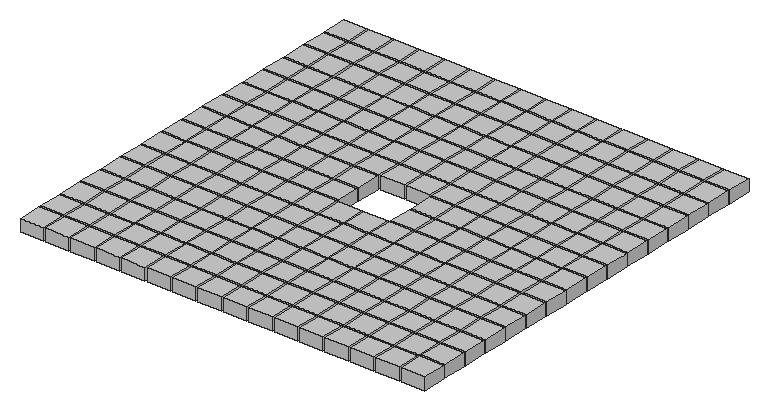
Revit family "Alcorque Ecológico", category Furniture, Revit 2020
Family settings
  Work Plane-Based = No
  Always vertical = Yes
  Cut with Voids When Loaded = No
  Shared = No
  Room Calculation Point = No
Parameters (values of type "Alcorque Ecológico-A52-2000mm")
  URL Producto = "https://www.benito.com/es/mobiliario-urbano/alcorques/ecologico--A50.html?gclid=Cj0KCQiA6LyfBhC3ARIsAG4gkF8rmnf3s9nTLo0iYSyf8rA8Mqzs6UA20BDdRNtRDt2THIfh2-_Ir74aAudtEALw_wcB"
  Type Comments = "SIN MANTENIMIENTO. Resistente a la intermperie, al agua del mar (no se pudre), a los rayos UV., no se astilla, no hay que pintarlo. Libre de\r\nsustancias contaminantes."
  Referencia = "A52"
  Material = ReBnew plástico
  H = 0.060 m
  Ficha técnica = "https://www.benito.com/es/download/data-sheet-A50"
  Fabricante = "BENITO URBAN SL"
  Description = "Alcorque Ecológico fabricado en ReBnew plástico reciclado de alta calidad, 100% Reciclable, Recuperable y Reutilizable."
  Default Elevation = 0.000 m
  B = 2.000 m
  A52 = yes
  A51 = no
  A50 = no
  A = 2.000 m
Reference planes (m)
  plane 1 "Center (Front/Back)": y = 0
  plane 2: z = 0
  plane 3 "Center (Left/Right)": x = 0
  plane 4: z = 0.06
  plane 5: x = 0.5
  plane 6: x = -0.5
  plane 7: y = 0.5
  plane 8: y = -0.5
  plane 9: x = -0.25
  plane 10: x = -0.125
  plane 11: x = 0
  plane 12: x = 0.25
  plane 13: x = 0.375
  plane 14: x = 0.5
  plane 15: y = 0.375
  plane 16: y = 0.25
  plane 17: y = 0.125
  plane 18: y = -0.125
  plane 19: y = -0.25
  plane 20: y = -0.375
  plane 21: x = -0.125
  plane 22: x = 0
  plane 23: x = 0.125
  plane 24: x = 0.375
  plane 25: x = 0.5
  plane 26: x = 0.625
  plane 27: y = 0.375
  plane 28: y = 0.25
  plane 29: y = 0.125
  plane 30: y = -0.125
  plane 31: y = -0.25
  plane 32: y = -0.375
  plane 33: x = 0
  plane 34: x = 0.125
  plane 35: x = 0.25
  plane 36: x = 0.5
  plane 37: x = 0.625
  plane 38: x = 0.75
  plane 39: y = 0.375
  plane 40: y = 0.25
  plane 41: y = 0.125
  plane 42: y = -0.125
  plane 43: y = -0.25
  plane 44: y = -0.375
  plane 45: x = 0.125
  plane 46: x = 0.25
  plane 47: x = 0.375
  plane 48: x = 0.625
  plane 49: x = 0.75
  plane 50: x = 0.875
  plane 51: y = 0.375
  plane 52: y = 0.25
  plane 53: y = 0.125
  plane 54: y = -0.125
  plane 55: y = -0.25
  plane 56: y = -0.375
  plane 57: x = 0.25
  plane 58: x = 0.375
  plane 59: x = 0.5
  plane 60: x = 0.75
  plane 61: x = 0.875
  plane 62: x = 1
  plane 63: y = 0.375
  plane 64: y = 0.25
  plane 65: y = 0.125
  plane 66: y = -0.125
  plane 67: y = -0.25
  plane 68: y = -0.375
  plane 69: x = 0.375
  plane 70: x = 0.5
  plane 71: x = 0.625
  plane 72: x = 0.875
  plane 73: x = 1
  plane 74: x = 1.125
  plane 75: y = 0.375
  plane 76: y = 0.25
  plane 77: y = 0.125
  plane 78: y = -0.125
  plane 79: y = -0.25
  plane 80: y = -0.375
  plane 81: x = 0.5
  plane 82: x = 0.625
  plane 83: x = 0.75
  plane 84: x = 1
  plane 85: x = 1.125
  plane 86: x = 1.25
  plane 87: y = 0.375
  plane 88: y = 0.25
  plane 89: y = 0.125
  plane 90: y = -0.125
  plane 91: y = -0.25
  plane 92: y = -0.375
  plane 93: x = -0.375
  plane 94: x = -0.25
  plane 95: x = -0.125
  plane 96: x = 0.125
  plane 97: x = 0.25
  plane 98: x = 0.375
  plane 99: y = 0.25
  plane 100: y = 0.125
  plane 101: y = 0
  plane 102: y = -0.25
  plane 103: y = -0.375
  plane 104: y = -0.5
  plane 105: x = -0.25
  plane 106: x = -0.125
  plane 107: x = 0
  plane 108: x = 0.25
  plane 109: x = 0.375
  plane 110: x = 0.5
  plane 111: y = 0.25
  plane 112: y = 0.125
  plane 113: y = 0
  plane 114: y = -0.25
  plane 115: y = -0.375
  plane 116: y = -0.5
  plane 117: x = -0.125
  plane 118: x = 0
  plane 119: x = 0.125
  plane 120: x = 0.375
  plane 121: x = 0.5
  plane 122: x = 0.625
  plane 123: y = 0.25
  plane 124: y = 0.125
  plane 125: y = 0
  plane 126: y = -0.25
  plane 127: y = -0.375
  plane 128: y = -0.5
  plane 129: x = 0
  plane 130: x = 0.125
  plane 131: x = 0.25
  plane 132: x = 0.5
  plane 133: x = 0.625
  plane 134: x = 0.75
  plane 135: y = 0.25
  plane 136: y = 0.125
  plane 137: y = 0
  plane 138: y = -0.25
  plane 139: y = -0.375
  plane 140: y = -0.5
  plane 141: x = 0.125
  plane 142: x = 0.25
  plane 143: x = 0.375
  plane 144: x = 0.625
  plane 145: x = 0.75
  plane 146: x = 0.875
  plane 147: y = 0.25
  plane 148: y = 0.125
  plane 149: y = 0
  plane 150: y = -0.25
  plane 151: y = -0.375
  plane 152: y = -0.5
  plane 153: x = 0.25
  plane 154: x = 0.375
  plane 155: x = 0.5
  plane 156: x = 0.75
  plane 157: x = 0.875
  plane 158: x = 1
  plane 159: y = 0.25
  plane 160: y = 0.125
  plane 161: y = 0
  plane 162: y = -0.25
  plane 163: y = -0.375
  plane 164: y = -0.5
  plane 165: x = 0.375
  plane 166: x = 0.5
  plane 167: x = 0.625
  plane 168: x = 0.875
  plane 169: x = 1
  plane 170: x = 1.125
  plane 171: y = 0.25
  plane 172: y = 0.125
  plane 173: y = 0
  plane 174: y = -0.25
  plane 175: y = -0.375
  plane 176: y = -0.5
  plane 177: x = 0.5
  plane 178: x = 0.625
  plane 179: x = 0.75
  plane 180: x = 1
  plane 181: x = 1.125
  plane 182: x = 1.25
  plane 183: y = 0.25
  plane 184: y = 0.125
  plane 185: y = 0
  plane 186: y = -0.25
  plane 187: y = -0.375
  plane 188: y = -0.5
  plane 189: x = -0.375
  plane 190: x = -0.25
  plane 191: x = -0.125
  plane 192: x = 0.125
  plane 193: x = 0.25
  plane 194: x = 0.375
  plane 195: y = 0.125
  plane 196: y = 0
  plane 197: y = -0.125
  plane 198: y = -0.375
  plane 199: y = -0.5
  plane 200: y = -0.625
  plane 201: x = -0.25
  plane 202: x = -0.125
  plane 203: x = 0
  plane 204: x = 0.25
  plane 205: x = 0.375
  plane 206: x = 0.5
  plane 207: y = 0.125
  plane 208: y = 0
  plane 209: y = -0.125
  plane 210: y = -0.375
  plane 211: y = -0.5
  plane 212: y = -0.625
  plane 213: x = -0.125
  plane 214: x = 0
  plane 215: x = 0.125
  plane 216: x = 0.375
  plane 217: x = 0.5
  plane 218: x = 0.625
  plane 219: y = 0.125
  plane 220: y = 0
  plane 221: y = -0.125
  plane 222: y = -0.375
  plane 223: y = -0.5
  plane 224: y = -0.625
  plane 225: x = 0
  plane 226: x = 0.125
  plane 227: x = 0.25
  plane 228: x = 0.5
  plane 229: x = 0.625
  plane 230: x = 0.75
  plane 231: y = 0.125
  plane 232: y = 0
  plane 233: y = -0.125
  plane 234: y = -0.375
  plane 235: y = -0.5
  plane 236: y = -0.625
  plane 237: x = 0.125
  plane 238: x = 0.25
  plane 239: x = 0.375
  plane 240: x = 0.625
  plane 241: x = 0.75
  plane 242: x = 0.875
  plane 243: y = 0.125
  plane 244: y = 0
  plane 245: y = -0.125
  plane 246: y = -0.375
  plane 247: y = -0.5
  plane 248: y = -0.625
  plane 249: x = 0.25
  plane 250: x = 0.375
  plane 251: x = 0.5
  plane 252: x = 0.75
  plane 253: x = 0.875
  plane 254: x = 1
  plane 255: y = 0.125
  plane 256: y = 0
  plane 257: y = -0.125
  plane 258: y = -0.375
  plane 259: y = -0.5
  plane 260: y = -0.625
  plane 261: x = 0.375
  plane 262: x = 0.5
  plane 263: x = 0.625
  plane 264: x = 0.875
  plane 265: x = 1
  plane 266: x = 1.125
  plane 267: y = 0.125
  plane 268: y = 0
  plane 269: y = -0.125
  plane 270: y = -0.375
  plane 271: y = -0.5
  plane 272: y = -0.625
  plane 273: x = 0.5
  plane 274: x = 0.625
  plane 275: x = 0.75
  plane 276: x = 1
  plane 277: x = 1.125
  plane 278: x = 1.25
  plane 279: y = 0.125
  plane 280: y = 0
  plane 281: y = -0.125
  plane 282: y = -0.375
  plane 283: y = -0.5
  plane 284: y = -0.625
  plane 285: x = -0.375
  plane 286: x = -0.25
  plane 287: x = -0.125
  plane 288: x = 0.125
  plane 289: x = 0.25
  plane 290: x = 0.375
  plane 291: y = 0
  plane 292: y = -0.125
  plane 293: y = -0.25
  plane 294: y = -0.5
  plane 295: y = -0.625
  plane 296: y = -0.75
  plane 297: x = -0.25
  plane 298: x = -0.125
  plane 299: x = 0
  plane 300: x = 0.25
  plane 301: x = 0.375
  plane 302: x = 0.5
  plane 303: y = 0
  plane 304: y = -0.125
  plane 305: y = -0.25
  plane 306: y = -0.5
  plane 307: y = -0.625
  plane 308: y = -0.75
  plane 309: x = -0.125
  plane 310: x = 0
  plane 311: x = 0.125
  plane 312: x = 0.375
  plane 313: x = 0.5
  plane 314: x = 0.625
  plane 315: y = 0
  plane 316: y = -0.125
  plane 317: y = -0.25
  plane 318: y = -0.5
  plane 319: y = -0.625
  plane 320: y = -0.75
  plane 321: x = 0.25
  plane 322: x = 0.375
  plane 323: x = 0.5
  plane 324: x = 0.75
  plane 325: x = 0.875
  plane 326: x = 1
  plane 327: y = 0
  plane 328: y = -0.125
  plane 329: y = -0.25
  plane 330: y = -0.5
  plane 331: y = -0.625
  plane 332: y = -0.75
  plane 333: x = 0.375
  plane 334: x = 0.5
  plane 335: x = 0.625
  plane 336: x = 0.875
  plane 337: x = 1
  plane 338: x = 1.125
  plane 339: y = 0
  plane 340: y = -0.125
  plane 341: y = -0.25
  plane 342: y = -0.5
  plane 343: y = -0.625
  plane 344: y = -0.75
  plane 345: x = 0.5
  plane 346: x = 0.625
  plane 347: x = 0.75
  plane 348: x = 1
  plane 349: x = 1.125
  plane 350: x = 1.25
  plane 351: y = 0
  plane 352: y = -0.125
  plane 353: y = -0.25
  plane 354: y = -0.5
  plane 355: y = -0.625
  plane 356: y = -0.75
  plane 357: x = -0.375
  plane 358: x = -0.25
  plane 359: x = -0.125
  plane 360: x = 0.125
  plane 361: x = 0.25
  plane 362: x = 0.375
  plane 363: y = -0.125
  plane 364: y = -0.25
  plane 365: y = -0.375
  plane 366: y = -0.625
  plane 367: y = -0.75
  plane 368: y = -0.875
  plane 369: x = -0.25
  plane 370: x = -0.125
  plane 371: x = 0
  plane 372: x = 0.25
  plane 373: x = 0.375
  plane 374: x = 0.5
  plane 375: y = -0.125
  plane 376: y = -0.25
  plane 377: y = -0.375
  plane 378: y = -0.625
  plane 379: y = -0.75
  plane 380: y = -0.875
  plane 381: x = -0.125
  plane 382: x = 0
  plane 383: x = 0.125
  plane 384: x = 0.375
  plane 385: x = 0.5
  plane 386: x = 0.625
  plane 387: y = -0.125
  plane 388: y = -0.25
  plane 389: y = -0.375
  plane 390: y = -0.625
  plane 391: y = -0.75
  plane 392: y = -0.875
  plane 393: x = 0.25
  plane 394: x = 0.375
  plane 395: x = 0.5
  plane 396: x = 0.75
  plane 397: x = 0.875
  plane 398: x = 1
  plane 399: y = -0.125
  plane 400: y = -0.25
  plane 401: y = -0.375
  plane 402: y = -0.625
  plane 403: y = -0.75
  plane 404: y = -0.875
  plane 405: x = 0.375
  plane 406: x = 0.5
  plane 407: x = 0.625
  plane 408: x = 0.875
  plane 409: x = 1
  plane 410: x = 1.125
  plane 411: y = -0.125
  plane 412: y = -0.25
  plane 413: y = -0.375
  plane 414: y = -0.625
  plane 415: y = -0.75
  plane 416: y = -0.875
  plane 417: x = 0.5
  plane 418: x = 0.625
  plane 419: x = 0.75
  plane 420: x = 1
  plane 421: x = 1.125
  plane 422: x = 1.25
  plane 423: y = -0.125
  plane 424: y = -0.25
  plane 425: y = -0.375
  plane 426: y = -0.625
  plane 427: y = -0.75
  plane 428: y = -0.875
  plane 429: x = -0.375
  plane 430: x = -0.25
  plane 431: x = -0.125
  plane 432: x = 0.125
  plane 433: x = 0.25
  plane 434: x = 0.375
  plane 435: y = -0.25
  plane 436: y = -0.375
  plane 437: y = -0.5
  plane 438: y = -0.75
  plane 439: y = -0.875
  plane 440: y = -1
  plane 441: x = -0.25
  plane 442: x = -0.125
  plane 443: x = 0
  plane 444: x = 0.25
  plane 445: x = 0.375
  plane 446: x = 0.5
  plane 447: y = -0.25
  plane 448: y = -0.375
  plane 449: y = -0.5
  plane 450: y = -0.75
  plane 451: y = -0.875
  plane 452: y = -1
  plane 453: x = -0.125
  plane 454: x = 0
  plane 455: x = 0.125
  plane 456: x = 0.375
  plane 457: x = 0.5
  plane 458: x = 0.625
  plane 459: y = -0.25
  plane 460: y = -0.375
  plane 461: y = -0.5
  plane 462: y = -0.75
  plane 463: y = -0.875
  plane 464: y = -1
  plane 465: x = 0
  plane 466: x = 0.125
  plane 467: x = 0.25
  plane 468: x = 0.5
  plane 469: x = 0.625
  plane 470: x = 0.75
  plane 471: y = -0.25
  plane 472: y = -0.375
  plane 473: y = -0.5
  plane 474: y = -0.75
  plane 475: y = -0.875
  plane 476: y = -1
  plane 477: x = 0.125
  plane 478: x = 0.25
  plane 479: x = 0.375
  plane 480: x = 0.625
  plane 481: x = 0.75
  plane 482: x = 0.875
  plane 483: y = -0.25
  plane 484: y = -0.375
  plane 485: y = -0.5
  plane 486: y = -0.75
  plane 487: y = -0.875
  plane 488: y = -1
  plane 489: x = 0.25
  plane 490: x = 0.375
  plane 491: x = 0.5
  plane 492: x = 0.75
  plane 493: x = 0.875
  plane 494: x = 1
  plane 495: y = -0.25
  plane 496: y = -0.375
  plane 497: y = -0.5
  plane 498: y = -0.75
  plane 499: y = -0.875
  plane 500: y = -1
  plane 501: x = 0.375
  plane 502: x = 0.5
  plane 503: x = 0.625
  plane 504: x = 0.875
  plane 505: x = 1
  plane 506: x = 1.125
  plane 507: y = -0.25
  plane 508: y = -0.375
  plane 509: y = -0.5
  plane 510: y = -0.75
  plane 511: y = -0.875
  plane 512: y = -1
  plane 513: x = 0.5
  plane 514: x = 0.625
  plane 515: x = 0.75
  plane 516: x = 1
  plane 517: x = 1.125
  plane 518: x = 1.25
  plane 519: y = -0.25
  plane 520: y = -0.375
  plane 521: y = -0.5
  plane 522: y = -0.75
  plane 523: y = -0.875
  plane 524: y = -1
  plane 525: x = -0.375
  plane 526: x = -0.25
  plane 527: x = -0.125
  plane 528: x = 0.125
  plane 529: x = 0.25
  plane 530: x = 0.375
  plane 531: y = -0.375
  plane 532: y = -0.5
  plane 533: y = -0.625
  plane 534: y = -0.875
  plane 535: y = -1
  plane 536: y = -1.125
  plane 537: x = -0.25
  plane 538: x = -0.125
  plane 539: x = 0
  plane 540: x = 0.25
  plane 541: x = 0.375
  plane 542: x = 0.5
  plane 543: y = -0.375
  plane 544: y = -0.5
  plane 545: y = -0.625
  plane 546: y = -0.875
  plane 547: y = -1
  plane 548: y = -1.125
  plane 549: x = -0.125
  plane 550: x = 0
  plane 551: x = 0.125
  plane 552: x = 0.375
  plane 553: x = 0.5
  plane 554: x = 0.625
  plane 555: y = -0.375
  plane 556: y = -0.5
  plane 557: y = -0.625
  plane 558: y = -0.875
  plane 559: y = -1
  plane 560: y = -1.125
  plane 561: x = 0
  plane 562: x = 0.125
  plane 563: x = 0.25
  plane 564: x = 0.5
  plane 565: x = 0.625
  plane 566: x = 0.75
  plane 567: y = -0.375
  plane 568: y = -0.5
  plane 569: y = -0.625
  plane 570: y = -0.875
  plane 571: y = -1
  plane 572: y = -1.125
  plane 573: x = 0.125
  plane 574: x = 0.25
  plane 575: x = 0.375
  plane 576: x = 0.625
  plane 577: x = 0.75
  plane 578: x = 0.875
  plane 579: y = -0.375
  plane 580: y = -0.5
  plane 581: y = -0.625
  plane 582: y = -0.875
  plane 583: y = -1
  plane 584: y = -1.125
  plane 585: x = 0.25
  plane 586: x = 0.375
  plane 587: x = 0.5
  plane 588: x = 0.75
  plane 589: x = 0.875
  plane 590: x = 1
  plane 591: y = -0.375
  plane 592: y = -0.5
  plane 593: y = -0.625
  plane 594: y = -0.875
  plane 595: y = -1
  plane 596: y = -1.125
  plane 597: x = 0.375
  plane 598: x = 0.5
  plane 599: x = 0.625
  plane 600: x = 0.875
  plane 601: x = 1
  plane 602: x = 1.125
  plane 603: y = -0.375
  plane 604: y = -0.5
  plane 605: y = -0.625
  plane 606: y = -0.875
  plane 607: y = -1
  plane 608: y = -1.125
  plane 609: x = 0.5
  plane 610: x = 0.625
  plane 611: x = 0.75
  plane 612: x = 1
  plane 613: x = 1.125
  plane 614: x = 1.25
  plane 615: y = -0.375
  plane 616: y = -0.5
  plane 617: y = -0.625
  plane 618: y = -0.875
  plane 619: y = -1
  plane 620: y = -1.125
  plane 621: x = -0.375
  plane 622: x = -0.25
  plane 623: x = -0.125
  plane 624: x = 0.125
  plane 625: x = 0.25
  plane 626: x = 0.375
  plane 627: y = -0.5
  plane 628: y = -0.625
  plane 629: y = -0.75
  plane 630: y = -1
  plane 631: y = -1.125
  plane 632: y = -1.25
  plane 633: x = -0.25
  plane 634: x = -0.125
  plane 635: x = 0
  plane 636: x = 0.25
  plane 637: x = 0.375
  plane 638: x = 0.5
  plane 639: y = -0.5
  plane 640: y = -0.625
  plane 641: y = -0.75
  plane 642: y = -1
  plane 643: y = -1.125
  plane 644: y = -1.25
  plane 645: x = -0.125
  plane 646: x = 0
  plane 647: x = 0.125
  plane 648: x = 0.375
  plane 649: x = 0.5
  plane 650: x = 0.625
  plane 651: y = -0.5
  plane 652: y = -0.625
  plane 653: y = -0.75
  plane 654: y = -1
  plane 655: y = -1.125
  plane 656: y = -1.25
  plane 657: x = 0
  plane 658: x = 0.125
  plane 659: x = 0.25
  plane 660: x = 0.5
  plane 661: x = 0.625
  plane 662: x = 0.75
  plane 663: y = -0.5
  plane 664: y = -0.625
  plane 665: y = -0.75
  plane 666: y = -1
  plane 667: y = -1.125
  plane 668: y = -1.25
  plane 669: x = 0.125
  plane 670: x = 0.25
  plane 671: x = 0.375
  plane 672: x = 0.625
  plane 673: x = 0.75
  plane 674: x = 0.875
  plane 675: y = -0.5
  plane 676: y = -0.625
  plane 677: y = -0.75
  plane 678: y = -1
  plane 679: y = -1.125
  plane 680: y = -1.25
  plane 681: x = 0.25
  plane 682: x = 0.375
  plane 683: x = 0.5
  plane 684: x = 0.75
  plane 685: x = 0.875
  plane 686: x = 1
  plane 687: y = -0.5
  plane 688: y = -0.625
  plane 689: y = -0.75
  plane 690: y = -1
  plane 691: y = -1.125
  plane 692: y = -1.25
  plane 693: x = 0.375
  plane 694: x = 0.5
  plane 695: x = 0.625
  plane 696: x = 0.875
  plane 697: x = 1
  plane 698: x = 1.125
  plane 699: y = -0.5
  plane 700: y = -0.625
  plane 701: y = -0.75
  plane 702: y = -1
  plane 703: y = -1.125
  plane 704: y = -1.25
  plane 705: x = 0.5
  plane 706: x = 0.625
  plane 707: x = 0.75
  plane 708: x = 1
  plane 709: x = 1.125
  plane 710: x = 1.25
  plane 711: y = -0.5
  plane 712: y = -0.625
  plane 713: y = -0.75
  plane 714: y = -1
  plane 715: y = -1.125
  plane 716: y = -1.25
  plane 717: x = -0.625
  plane 718: x = -0.5
  plane 719: x = -0.375
  plane 720: x = -0.125
  plane 721: x = 0
  plane 722: x = 0.125
  plane 723: y = 0.625
  plane 724: y = 0.5
  plane 725: y = 0.375
  plane 726: y = 0.125
  plane 727: y = 0
  plane 728: y = -0.125
  plane 729: x = -0.5
  plane 730: x = -0.375
  plane 731: x = -0.25
  plane 732: x = 0
  plane 733: x = 0.125
  plane 734: x = 0.25
  plane 735: y = 0.625
  plane 736: y = 0.5
  plane 737: y = 0.375
  plane 738: y = 0.125
  plane 739: y = 0
  plane 740: y = -0.125
  plane 741: x = -0.375
  plane 742: x = -0.25
  plane 743: x = -0.125
  plane 744: x = 0.125
  plane 745: x = 0.25
  plane 746: x = 0.375
  plane 747: y = 0.625
  plane 748: y = 0.5
  plane 749: y = 0.375
  plane 750: y = 0.125
  plane 751: y = 0
  plane 752: y = -0.125
  plane 753: x = -0.25
  plane 754: x = -0.125
  plane 755: x = 0
  plane 756: x = 0.25
  plane 757: x = 0.375
  plane 758: x = 0.5
  plane 759: y = 0.625
  plane 760: y = 0.5
  plane 761: y = 0.375
  plane 762: y = 0.125
  plane 763: y = 0
  plane 764: y = -0.125
  plane 765: x = -0.125
  plane 766: x = 0
  plane 767: x = 0.125
  plane 768: x = 0.375
  plane 769: x = 0.5
  plane 770: x = 0.625
  plane 771: y = 0.625
  plane 772: y = 0.5
  plane 773: y = 0.375
  plane 774: y = 0.125
  plane 775: y = 0
  plane 776: y = -0.125
  plane 777: x = 0
  plane 778: x = 0.125
  plane 779: x = 0.25
  plane 780: x = 0.5
  plane 781: x = 0.625
  plane 782: x = 0.75
  plane 783: y = 0.625
  plane 784: y = 0.5
  plane 785: y = 0.375
  plane 786: y = 0.125
  plane 787: y = 0
  plane 788: y = -0.125
  plane 789: x = 0.125
  plane 790: x = 0.25
  plane 791: x = 0.375
  plane 792: x = 0.625
  plane 793: x = 0.75
  plane 794: x = 0.875
  plane 795: y = 0.625
  plane 796: y = 0.5
  plane 797: y = 0.375
  plane 798: y = 0.125
  plane 799: y = 0
  plane 800: y = -0.125
  plane 801: x = 0.25
  plane 802: x = 0.375
  plane 803: x = 0.5
  plane 804: x = 0.75
  plane 805: x = 0.875
  plane 806: x = 1
  plane 807: y = 0.625
  plane 808: y = 0.5
  plane 809: y = 0.375
  plane 810: y = 0.125
  plane 811: y = 0
  plane 812: y = -0.125
  plane 813: x = -0.625
  plane 814: x = -0.5
  plane 815: x = -0.375
  plane 816: x = -0.125
  plane 817: x = 0
  plane 818: x = 0.125
  plane 819: y = 0.5
  plane 820: y = 0.375
  plane 821: y = 0.25
  plane 822: y = 0
  plane 823: y = -0.125
  plane 824: y = -0.25
  plane 825: x = -0.5
  plane 826: x = -0.375
  plane 827: x = -0.25
  plane 828: x = 0
  plane 829: x = 0.125
  plane 830: x = 0.25
  plane 831: y = 0.5
  plane 832: y = 0.375
  plane 833: y = 0.25
  plane 834: y = 0
  plane 835: y = -0.125
  plane 836: y = -0.25
  plane 837: x = -0.375
  plane 838: x = -0.25
  plane 839: x = -0.125
  plane 840: x = 0.125
  plane 841: x = 0.25
  plane 842: x = 0.375
  plane 843: y = 0.5
  plane 844: y = 0.375
  plane 845: y = 0.25
  plane 846: y = 0
  plane 847: y = -0.125
  plane 848: y = -0.25
  plane 849: x = -0.25
  plane 850: x = -0.125
  plane 851: x = 0
  plane 852: x = 0.25
  plane 853: x = 0.375
  plane 854: x = 0.5
  plane 855: y = 0.5
  plane 856: y = 0.375
  plane 857: y = 0.25
  plane 858: y = 0
  plane 859: y = -0.125
  plane 860: y = -0.25
  plane 861: x = -0.125
  plane 862: x = 0
  plane 863: x = 0.125
  plane 864: x = 0.375
  plane 865: x = 0.5
  plane 866: x = 0.625
  plane 867: y = 0.5
  plane 868: y = 0.375
  plane 869: y = 0.25
  plane 870: y = 0
  plane 871: y = -0.125
  plane 872: y = -0.25
  plane 873: x = 0
  plane 874: x = 0.125
  plane 875: x = 0.25
  plane 876: x = 0.5
  plane 877: x = 0.625
  plane 878: x = 0.75
  plane 879: y = 0.5
  plane 880: y = 0.375
  plane 881: y = 0.25
  plane 882: y = 0
  plane 883: y = -0.125
  plane 884: y = -0.25
  plane 885: x = 0.125
  plane 886: x = 0.25
  plane 887: x = 0.375
  plane 888: x = 0.625
  plane 889: x = 0.75
  plane 890: x = 0.875
  plane 891: y = 0.5
  plane 892: y = 0.375
  plane 893: y = 0.25
  plane 894: y = 0
  plane 895: y = -0.125
  plane 896: y = -0.25
  plane 897: x = 0.25
  plane 898: x = 0.375
  plane 899: x = 0.5
  plane 900: x = 0.75
  plane 901: x = 0.875
  plane 902: x = 1
  plane 903: y = 0.5
  plane 904: y = 0.375
  plane 905: y = 0.25
  plane 906: y = 0
  plane 907: y = -0.125
  plane 908: y = -0.25
  plane 909: x = -0.625
  plane 910: x = -0.5
  plane 911: x = -0.375
  plane 912: x = -0.125
  plane 913: x = 0
  plane 914: x = 0.125
  plane 915: y = 0.375
  plane 916: y = 0.25
  plane 917: y = 0.125
  plane 918: y = -0.125
  plane 919: y = -0.25
  plane 920: y = -0.375
  plane 921: x = -0.5
  plane 922: x = -0.375
  plane 923: x = -0.25
  plane 924: x = 0
  plane 925: x = 0.125
  plane 926: x = 0.25
  plane 927: y = 0.375
  plane 928: y = 0.25
  plane 929: y = 0.125
  plane 930: y = -0.125
  plane 931: y = -0.25
  plane 932: y = -0.375
  plane 933: x = -0.375
  plane 934: x = -0.25
  plane 935: x = -0.125
  plane 936: x = 0.125
  plane 937: x = 0.25
  plane 938: x = 0.375
  plane 939: y = 0.375
  plane 940: y = 0.25
  plane 941: y = 0.125
  plane 942: y = -0.125
  plane 943: y = -0.25
  plane 944: y = -0.375
  plane 945: x = -0.25
  plane 946: x = -0.125
  plane 947: x = 0
  plane 948: x = 0.25
  plane 949: x = 0.375
  plane 950: x = 0.5
  plane 951: y = 0.375
  plane 952: y = 0.25
  plane 953: y = 0.125
  plane 954: y = -0.125
  plane 955: y = -0.25
  plane 956: y = -0.375
  plane 957: x = -0.125
  plane 958: x = 0
  plane 959: x = 0.125
  plane 960: x = 0.375
  plane 961: x = 0.5
  plane 962: x = 0.625
  plane 963: y = 0.375
  plane 964: y = 0.25
  plane 965: y = 0.125
  plane 966: y = -0.125
  plane 967: y = -0.25
  plane 968: y = -0.375
  plane 969: x = 0
  plane 970: x = 0.125
  plane 971: x = 0.25
  plane 972: x = 0.5
  plane 973: x = 0.625
  plane 974: x = 0.75
  plane 975: y = 0.375
  plane 976: y = 0.25
  plane 977: y = 0.125
  plane 978: y = -0.125
  plane 979: y = -0.25
  plane 980: y = -0.375
  plane 981: x = 0.125
  plane 982: x = 0.25
  plane 983: x = 0.375
  plane 984: x = 0.625
  plane 985: x = 0.75
  plane 986: x = 0.875
  plane 987: y = 0.375
  plane 988: y = 0.25
  plane 989: y = 0.125
  plane 990: y = -0.125
  plane 991: y = -0.25
  plane 992: y = -0.375
  plane 993: x = 0.25
  plane 994: x = 0.375
  plane 995: x = 0.5
  plane 996: x = 0.75
  plane 997: x = 0.875
  plane 998: x = 1
  plane 999: y = 0.375
  plane 1000: y = 0.25
  plane 1001: y = 0.125
  plane 1002: y = -0.125
  plane 1003: y = -0.25
  plane 1004: y = -0.375
  plane 1005: x = -0.625
  plane 1006: x = -0.5
  plane 1007: x = -0.375
  plane 1008: x = -0.125
  plane 1009: x = 0
  plane 1010: x = 0.125
  plane 1011: y = 0.25
  plane 1012: y = 0.125
  plane 1013: y = 0
  plane 1014: y = -0.25
  plane 1015: y = -0.375
  plane 1016: y = -0.5
  plane 1017: x = -0.5
  plane 1018: x = -0.375
  plane 1019: x = -0.25
  plane 1020: x = 0
  plane 1021: x = 0.125
  plane 1022: x = 0.25
  plane 1023: y = 0.25
  plane 1024: y = 0.125
  plane 1025: y = 0
  plane 1026: y = -0.25
  plane 1027: y = -0.375
  plane 1028: y = -0.5
  plane 1029: x = -0.375
  plane 1030: x = -0.25
  plane 1031: x = -0.125
  plane 1032: x = 0.125
  plane 1033: x = 0.25
  plane 1034: x = 0.375
  plane 1035: y = 0.25
  plane 1036: y = 0.125
  plane 1037: y = 0
  plane 1038: y = -0.25
  plane 1039: y = -0.375
  plane 1040: y = -0.5
  plane 1041: x = 0
  plane 1042: x = 0.125
  plane 1043: x = 0.25
  plane 1044: x = 0.5
  plane 1045: x = 0.625
  plane 1046: x = 0.75
  plane 1047: y = 0.25
  plane 1048: y = 0.125
  plane 1049: y = 0
  plane 1050: y = -0.25
  plane 1051: y = -0.375
  plane 1052: y = -0.5
  plane 1053: x = 0.125
  plane 1054: x = 0.25
  plane 1055: x = 0.375
  plane 1056: x = 0.625
  plane 1057: x = 0.75
  plane 1058: x = 0.875
  plane 1059: y = 0.25
  plane 1060: y = 0.125
  plane 1061: y = 0
  plane 1062: y = -0.25
  plane 1063: y = -0.375
  plane 1064: y = -0.5
  plane 1065: x = 0.25
  plane 1066: x = 0.375
  plane 1067: x = 0.5
  plane 1068: x = 0.75
  plane 1069: x = 0.875
  plane 1070: x = 1
  plane 1071: y = 0.25
  plane 1072: y = 0.125
  plane 1073: y = 0
  plane 1074: y = -0.25
  plane 1075: y = -0.375
  plane 1076: y = -0.5
  plane 1077: x = -0.625
  plane 1078: x = -0.5
  plane 1079: x = -0.375
  plane 1080: x = -0.125
  plane 1081: x = 0
  plane 1082: x = 0.125
  plane 1083: y = 0.125
  plane 1084: y = 0
  plane 1085: y = -0.125
  plane 1086: y = -0.375
  plane 1087: y = -0.5
  plane 1088: y = -0.625
  plane 1089: x = -0.5
  plane 1090: x = -0.375
  plane 1091: x = -0.25
  plane 1092: x = 0
  plane 1093: x = 0.125
  plane 1094: x = 0.25
  plane 1095: y = 0.125
  plane 1096: y = 0
  plane 1097: y = -0.125
  plane 1098: y = -0.375
  plane 1099: y = -0.5
  plane 1100: y = -0.625
  plane 1101: x = -0.375
  plane 1102: x = -0.25
  plane 1103: x = -0.125
  plane 1104: x = 0.125
  plane 1105: x = 0.25
  plane 1106: x = 0.375
  plane 1107: y = 0.125
  plane 1108: y = 0
  plane 1109: y = -0.125
  plane 1110: y = -0.375
  plane 1111: y = -0.5
  plane 1112: y = -0.625
  plane 1113: x = 0
  plane 1114: x = 0.125
  plane 1115: x = 0.25
  plane 1116: x = 0.5
  plane 1117: x = 0.625
  plane 1118: x = 0.75
  plane 1119: y = 0.125
  plane 1120: y = 0
  plane 1121: y = -0.125
  plane 1122: y = -0.375
  plane 1123: y = -0.5
  plane 1124: y = -0.625
  plane 1125: x = 0.125
  plane 1126: x = 0.25
  plane 1127: x = 0.375
  plane 1128: x = 0.625
  plane 1129: x = 0.75
  plane 1130: x = 0.875
  plane 1131: y = 0.125
  plane 1132: y = 0
  plane 1133: y = -0.125
  plane 1134: y = -0.375
  plane 1135: y = -0.5
  plane 1136: y = -0.625
  plane 1137: x = 0.25
  plane 1138: x = 0.375
  plane 1139: x = 0.5
  plane 1140: x = 0.75
  plane 1141: x = 0.875
  plane 1142: x = 1
  plane 1143: y = 0.125
  plane 1144: y = 0
  plane 1145: y = -0.125
  plane 1146: y = -0.375
  plane 1147: y = -0.5
  plane 1148: y = -0.625
  plane 1149: x = -0.625
  plane 1150: x = -0.5
  plane 1151: x = -0.375
  plane 1152: x = -0.125
  plane 1153: x = 0
  plane 1154: x = 0.125
  plane 1155: y = 0
  plane 1156: y = -0.125
  plane 1157: y = -0.25
  plane 1158: y = -0.5
  plane 1159: y = -0.625
  plane 1160: y = -0.75
  plane 1161: x = -0.5
  plane 1162: x = -0.375
  plane 1163: x = -0.25
  plane 1164: x = 0
  plane 1165: x = 0.125
  plane 1166: x = 0.25
  plane 1167: y = 0
  plane 1168: y = -0.125
  plane 1169: y = -0.25
  plane 1170: y = -0.5
  plane 1171: y = -0.625
  plane 1172: y = -0.75
  plane 1173: x = -0.375
  plane 1174: x = -0.25
  plane 1175: x = -0.125
  plane 1176: x = 0.125
  plane 1177: x = 0.25
  plane 1178: x = 0.375
  plane 1179: y = 0
  plane 1180: y = -0.125
  plane 1181: y = -0.25
  plane 1182: y = -0.5
  plane 1183: y = -0.625
  plane 1184: y = -0.75
  plane 1185: x = -0.25
  plane 1186: x = -0.125
  plane 1187: x = 0
  plane 1188: x = 0.25
  plane 1189: x = 0.375
  plane 1190: x = 0.5
  plane 1191: y = 0
  plane 1192: y = -0.125
  plane 1193: y = -0.25
  plane 1194: y = -0.5
  plane 1195: y = -0.625
  plane 1196: y = -0.75
  plane 1197: x = -0.125
  plane 1198: x = 0
  plane 1199: x = 0.125
  plane 1200: x = 0.375
  plane 1201: x = 0.5
  plane 1202: x = 0.625
  plane 1203: y = 0
  plane 1204: y = -0.125
  plane 1205: y = -0.25
  plane 1206: y = -0.5
  plane 1207: y = -0.625
  plane 1208: y = -0.75
  plane 1209: x = 0.25
  plane 1210: x = 0.375
  plane 1211: x = 0.5
  plane 1212: x = 0.75
  plane 1213: x = 0.875
  plane 1214: x = 1
  plane 1215: y = 0
  plane 1216: y = -0.125
  plane 1217: y = -0.25
  plane 1218: y = -0.5
  plane 1219: y = -0.625
  plane 1220: y = -0.75
  plane 1221: x = -0.625
  plane 1222: x = -0.5
  plane 1223: x = -0.375
  plane 1224: x = -0.125
  plane 1225: x = 0
  plane 1226: x = 0.125
  plane 1227: y = -0.125
  plane 1228: y = -0.25
  plane 1229: y = -0.375
  plane 1230: y = -0.625
  plane 1231: y = -0.75
  plane 1232: y = -0.875
  plane 1233: x = -0.5
  plane 1234: x = -0.375
  plane 1235: x = -0.25
  plane 1236: x = 0
  plane 1237: x = 0.125
  plane 1238: x = 0.25
  plane 1239: y = -0.125
  plane 1240: y = -0.25
  plane 1241: y = -0.375
  plane 1242: y = -0.625
  plane 1243: y = -0.75
  plane 1244: y = -0.875
  plane 1245: x = -0.375
  plane 1246: x = -0.25
  plane 1247: x = -0.125
  plane 1248: x = 0.125
  plane 1249: x = 0.25
  plane 1250: x = 0.375
  plane 1251: y = -0.125
  plane 1252: y = -0.25
  plane 1253: y = -0.375
  plane 1254: y = -0.625
  plane 1255: y = -0.75
  plane 1256: y = -0.875
  plane 1257: x = -0.25
  plane 1258: x = -0.125
  plane 1259: x = 0
  plane 1260: x = 0.25
  plane 1261: x = 0.375
  plane 1262: x = 0.5
  plane 1263: y = -0.125
  plane 1264: y = -0.25
  plane 1265: y = -0.375
  plane 1266: y = -0.625
  plane 1267: y = -0.75
  plane 1268: y = -0.875
  plane 1269: x = -0.125
  plane 1270: x = 0
  plane 1271: x = 0.125
  plane 1272: x = 0.375
  plane 1273: x = 0.5
  plane 1274: x = 0.625
  plane 1275: y = -0.125
  plane 1276: y = -0.25
  plane 1277: y = -0.375
  plane 1278: y = -0.625
  plane 1279: y = -0.75
  plane 1280: y = -0.875
  plane 1281: x = 0.25
  plane 1282: x = 0.375
  plane 1283: x = 0.5
  plane 1284: x = 0.75
  plane 1285: x = 0.875
  plane 1286: x = 1
  plane 1287: y = -0.125
  plane 1288: y = -0.25
  plane 1289: y = -0.375
  plane 1290: y = -0.625
  plane 1291: y = -0.75
  plane 1292: y = -0.875
  plane 1293: x = -0.625
  plane 1294: x = -0.5
  plane 1295: x = -0.375
  plane 1296: x = -0.125
  plane 1297: x = 0
  plane 1298: x = 0.125
  plane 1299: y = -0.25
  plane 1300: y = -0.375
  plane 1301: y = -0.5
  plane 1302: y = -0.75
  plane 1303: y = -0.875
  plane 1304: y = -1
  plane 1305: x = -0.5
  plane 1306: x = -0.375
  plane 1307: x = -0.25
  plane 1308: x = 0
  plane 1309: x = 0.125
  plane 1310: x = 0.25
  plane 1311: y = -0.25
  plane 1312: y = -0.375
  plane 1313: y = -0.5
  plane 1314: y = -0.75
  plane 1315: y = -0.875
  plane 1316: y = -1
  plane 1317: x = -0.375
  plane 1318: x = -0.25
  plane 1319: x = -0.125
  plane 1320: x = 0.125
  plane 1321: x = 0.25
  plane 1322: x = 0.375
  plane 1323: y = -0.25
  plane 1324: y = -0.375
  plane 1325: y = -0.5
  plane 1326: y = -0.75
  plane 1327: y = -0.875
  plane 1328: y = -1
  plane 1329: x = -0.25
  plane 1330: x = -0.125
  plane 1331: x = 0
  plane 1332: x = 0.25
  plane 1333: x = 0.375
  plane 1334: x = 0.5
  plane 1335: y = -0.25
  plane 1336: y = -0.375
  plane 1337: y = -0.5
  plane 1338: y = -0.75
  plane 1339: y = -0.875
  plane 1340: y = -1
  plane 1341: x = -0.125
  plane 1342: x = 0
  plane 1343: x = 0.125
  plane 1344: x = 0.375
  plane 1345: x = 0.5
  plane 1346: x = 0.625
  plane 1347: y = -0.25
  plane 1348: y = -0.375
  plane 1349: y = -0.5
  plane 1350: y = -0.75
  plane 1351: y = -0.875
  plane 1352: y = -1
  plane 1353: x = 0
  plane 1354: x = 0.125
  plane 1355: x = 0.25
  plane 1356: x = 0.5
  plane 1357: x = 0.625
  plane 1358: x = 0.75
  plane 1359: y = -0.25
  plane 1360: y = -0.375
  plane 1361: y = -0.5
  plane 1362: y = -0.75
  plane 1363: y = -0.875
  plane 1364: y = -1
  plane 1365: x = 0.125
  plane 1366: x = 0.25
  plane 1367: x = 0.375
  plane 1368: x = 0.625
  plane 1369: x = 0.75
  plane 1370: x = 0.875
  plane 1371: y = -0.25
  plane 1372: y = -0.375
  plane 1373: y = -0.5
  plane 1374: y = -0.75
  plane 1375: y = -0.875
  plane 1376: y = -1
  plane 1377: x = 0.25
  plane 1378: x = 0.375
  plane 1379: x = 0.5
  plane 1380: x = 0.75
  plane 1381: x = 0.875
  plane 1382: x = 1
  plane 1383: y = -0.25
  plane 1384: y = -0.375
  plane 1385: y = -0.5
  plane 1386: y = -0.75
  plane 1387: y = -0.875
  plane 1388: y = -1
  plane 1389: x = 0.375
  plane 1390: x = 0.5
  plane 1391: x = 0.625
  plane 1392: x = 0.875
  plane 1393: x = 1
  plane 1394: x = 1.125
  plane 1395: y = 0.625
  plane 1396: y = 0.5
  plane 1397: y = 0.375
  plane 1398: y = 0.125
  plane 1399: y = 0
  plane 1400: y = -0.125
  plane 1401: x = 0.5
  plane 1402: x = 0.625
  plane 1403: x = 0.75
  plane 1404: x = 1
  plane 1405: x = 1.125
  plane 1406: x = 1.25
  plane 1407: y = 0.625
  plane 1408: y = 0.5
  plane 1409: y = 0.375
  plane 1410: y = 0.125
  plane 1411: y = 0
  plane 1412: y = -0.125
  plane 1413: x = 0.625
  plane 1414: x = 0.75
  plane 1415: x = 0.875
  plane 1416: x = 1.125
  plane 1417: x = 1.25
  plane 1418: x = 1.375
  plane 1419: y = 0.625
  plane 1420: y = 0.5
  plane 1421: y = 0.375
  plane 1422: y = 0.125
  plane 1423: y = 0
  plane 1424: y = -0.125
  plane 1425: x = 0.75
  plane 1426: x = 0.875
  plane 1427: x = 1
  plane 1428: x = 1.25
  plane 1429: x = 1.375
  plane 1430: x = 1.5
  plane 1431: y = 0.625
  plane 1432: y = 0.5
  plane 1433: y = 0.375
  plane 1434: y = 0.125
  plane 1435: y = 0
  plane 1436: y = -0.125
  plane 1437: x = 0.375
  plane 1438: x = 0.5
  plane 1439: x = 0.625
  plane 1440: x = 0.875
  plane 1441: x = 1
  plane 1442: x = 1.125
  plane 1443: y = 0.5
  plane 1444: y = 0.375
  plane 1445: y = 0.25
  plane 1446: y = 0
  plane 1447: y = -0.125
  plane 1448: y = -0.25
  plane 1449: x = 0.5
  plane 1450: x = 0.625
  plane 1451: x = 0.75
  plane 1452: x = 1
  plane 1453: x = 1.125
  plane 1454: x = 1.25
  plane 1455: y = 0.5
  plane 1456: y = 0.375
  plane 1457: y = 0.25
  plane 1458: y = 0
  plane 1459: y = -0.125
  plane 1460: y = -0.25
  plane 1461: x = 0.625
  plane 1462: x = 0.75
  plane 1463: x = 0.875
  plane 1464: x = 1.125
  plane 1465: x = 1.25
  plane 1466: x = 1.375
  plane 1467: y = 0.5
  plane 1468: y = 0.375
  plane 1469: y = 0.25
  plane 1470: y = 0
  plane 1471: y = -0.125
  plane 1472: y = -0.25
  plane 1473: x = 0.75
  plane 1474: x = 0.875
  plane 1475: x = 1
  plane 1476: x = 1.25
  plane 1477: x = 1.375
  plane 1478: x = 1.5
  plane 1479: y = 0.5
  plane 1480: y = 0.375
  plane 1481: y = 0.25
  plane 1482: y = 0
  plane 1483: y = -0.125
  plane 1484: y = -0.25
  plane 1485: x = 0.375
  plane 1486: x = 0.5
  plane 1487: x = 0.625
  plane 1488: x = 0.875
  plane 1489: x = 1
  plane 1490: x = 1.125
  plane 1491: y = 0.375
  plane 1492: y = 0.25
  plane 1493: y = 0.125
  plane 1494: y = -0.125
  plane 1495: y = -0.25
  plane 1496: y = -0.375
  plane 1497: x = 0.5
  plane 1498: x = 0.625
  plane 1499: x = 0.75
  plane 1500: x = 1
  plane 1501: x = 1.125
  plane 1502: x = 1.25
  plane 1503: y = 0.375
  plane 1504: y = 0.25
  plane 1505: y = 0.125
  plane 1506: y = -0.125
  plane 1507: y = -0.25
  plane 1508: y = -0.375
  plane 1509: x = 0.625
  plane 1510: x = 0.75
  plane 1511: x = 0.875
  plane 1512: x = 1.125
  plane 1513: x = 1.25
  plane 1514: x = 1.375
  plane 1515: y = 0.375
  plane 1516: y = 0.25
  plane 1517: y = 0.125
  plane 1518: y = -0.125
  plane 1519: y = -0.25
  plane 1520: y = -0.375
  plane 1521: x = 0.75
  plane 1522: x = 0.875
  plane 1523: x = 1
  plane 1524: x = 1.25
  plane 1525: x = 1.375
  plane 1526: x = 1.5
  plane 1527: y = 0.375
  plane 1528: y = 0.25
  plane 1529: y = 0.125
  plane 1530: y = -0.125
  plane 1531: y = -0.25
  plane 1532: y = -0.375
  plane 1533: x = 0.5
  plane 1534: x = 0.625
  plane 1535: x = 0.75
  plane 1536: x = 1
  plane 1537: x = 1.125
  plane 1538: x = 1.25
  plane 1539: y = 0.25
  plane 1540: y = 0.125
  plane 1541: y = 0
  plane 1542: y = -0.25
  plane 1543: y = -0.375
  plane 1544: y = -0.5
  plane 1545: x = 0.625
  plane 1546: x = 0.75
  plane 1547: x = 0.875
  plane 1548: x = 1.125
  plane 1549: x = 1.25
  plane 1550: x = 1.375
  plane 1551: y = 0.25
  plane 1552: y = 0.125
  plane 1553: y = 0
  plane 1554: y = -0.25
  plane 1555: y = -0.375
  plane 1556: y = -0.5
  plane 1557: x = 0.75
  plane 1558: x = 0.875
  plane 1559: x = 1
  plane 1560: x = 1.25
  plane 1561: x = 1.375
  plane 1562: x = 1.5
  plane 1563: y = 0.25
  plane 1564: y = 0.125
  plane 1565: y = 0
  plane 1566: y = -0.25
  plane 1567: y = -0.375
  plane 1568: y = -0.5
  plane 1569: x = 0.5
  plane 1570: x = 0.625
  plane 1571: x = 0.75
  plane 1572: x = 1
  plane 1573: x = 1.125
  plane 1574: x = 1.25
  plane 1575: y = 0.125
  plane 1576: y = 0
  plane 1577: y = -0.125
  plane 1578: y = -0.375
  plane 1579: y = -0.5
  plane 1580: y = -0.625
  plane 1581: x = 0.625
  plane 1582: x = 0.75
  plane 1583: x = 0.875
  plane 1584: x = 1.125
  plane 1585: x = 1.25
  plane 1586: x = 1.375
  plane 1587: y = 0.125
  plane 1588: y = 0
  plane 1589: y = -0.125
  plane 1590: y = -0.375
  plane 1591: y = -0.5
  plane 1592: y = -0.625
  plane 1593: x = 0.75
  plane 1594: x = 0.875
  plane 1595: x = 1
  plane 1596: x = 1.25
  plane 1597: x = 1.375
  plane 1598: x = 1.5
  plane 1599: y = 0.125
  plane 1600: y = 0
  plane 1601: y = -0.125
  plane 1602: y = -0.375
  plane 1603: y = -0.5
  plane 1604: y = -0.625
  plane 1605: x = 0.375
  plane 1606: x = 0.5
  plane 1607: x = 0.625
  plane 1608: x = 0.875
  plane 1609: x = 1
  plane 1610: x = 1.125
  plane 1611: y = 0
  plane 1612: y = -0.125
  plane 1613: y = -0.25
  plane 1614: y = -0.5
  plane 1615: y = -0.625
  plane 1616: y = -0.75
  plane 1617: x = 0.5
  plane 1618: x = 0.625
  plane 1619: x = 0.75
  plane 1620: x = 1
  plane 1621: x = 1.125
  plane 1622: x = 1.25
  plane 1623: y = 0
  plane 1624: y = -0.125
  plane 1625: y = -0.25
  plane 1626: y = -0.5
  plane 1627: y = -0.625
  plane 1628: y = -0.75
  plane 1629: x = 0.625
  plane 1630: x = 0.75
  plane 1631: x = 0.875
  plane 1632: x = 1.125
  plane 1633: x = 1.25
  plane 1634: x = 1.375
  plane 1635: y = 0
  plane 1636: y = -0.125
  plane 1637: y = -0.25
  plane 1638: y = -0.5
  plane 1639: y = -0.625
  plane 1640: y = -0.75
  plane 1641: x = 0.75
  plane 1642: x = 0.875
  plane 1643: x = 1
  plane 1644: x = 1.25
  plane 1645: x = 1.375
  plane 1646: x = 1.5
  plane 1647: y = 0
  plane 1648: y = -0.125
  plane 1649: y = -0.25
  plane 1650: y = -0.5
  plane 1651: y = -0.625
  plane 1652: y = -0.75
  plane 1653: x = 0.375
  plane 1654: x = 0.5
  plane 1655: x = 0.625
  plane 1656: x = 0.875
  plane 1657: x = 1
  plane 1658: x = 1.125
  plane 1659: y = -0.125
  plane 1660: y = -0.25
  plane 1661: y = -0.375
  plane 1662: y = -0.625
  plane 1663: y = -0.75
  plane 1664: y = -0.875
  plane 1665: x = 0.5
  plane 1666: x = 0.625
  plane 1667: x = 0.75
  plane 1668: x = 1
  plane 1669: x = 1.125
  plane 1670: x = 1.25
  plane 1671: y = -0.125
  plane 1672: y = -0.25
  plane 1673: y = -0.375
  plane 1674: y = -0.625
  plane 1675: y = -0.75
  plane 1676: y = -0.875
  plane 1677: x = 0.625
  plane 1678: x = 0.75
  plane 1679: x = 0.875
  plane 1680: x = 1.125
  plane 1681: x = 1.25
  plane 1682: x = 1.375
  plane 1683: y = -0.125
  plane 1684: y = -0.25
  plane 1685: y = -0.375
  plane 1686: y = -0.625
  plane 1687: y = -0.75
  plane 1688: y = -0.875
  plane 1689: x = 0.75
  plane 1690: x = 0.875
  plane 1691: x = 1
  plane 1692: x = 1.25
  plane 1693: x = 1.375
  plane 1694: x = 1.5
  plane 1695: y = -0.125
  plane 1696: y = -0.25
  plane 1697: y = -0.375
  plane 1698: y = -0.625
  plane 1699: y = -0.75
  plane 1700: y = -0.875
  plane 1701: x = 0.375
  plane 1702: x = 0.5
  plane 1703: x = 0.625
  plane 1704: x = 0.875
  plane 1705: x = 1
  plane 1706: x = 1.125
  plane 1707: y = -0.25
  plane 1708: y = -0.375
  plane 1709: y = -0.5
  plane 1710: y = -0.75
  plane 1711: y = -0.875
  plane 1712: y = -1
  plane 1713: x = 0.5
  plane 1714: x = 0.625
  plane 1715: x = 0.75
  plane 1716: x = 1
  plane 1717: x = 1.125
  plane 1718: x = 1.25
  plane 1719: y = -0.25
  plane 1720: y = -0.375
  plane 1721: y = -0.5
  plane 1722: y = -0.75
  plane 1723: y = -0.875
  plane 1724: y = -1
  plane 1725: x = 0.625
  plane 1726: x = 0.75
  plane 1727: x = 0.875
  plane 1728: x = 1.125
  plane 1729: x = 1.25
  plane 1730: x = 1.375
  plane 1731: y = -0.25
  plane 1732: y = -0.375
  plane 1733: y = -0.5
  plane 1734: y = -0.75
  plane 1735: y = -0.875
  plane 1736: y = -1
  plane 1737: x = 0.75
  plane 1738: x = 0.875
  plane 1739: x = 1
  plane 1740: x = 1.25
  plane 1741: x = 1.375
  plane 1742: x = 1.5
  plane 1743: y = -0.25
  plane 1744: y = -0.375
  plane 1745: y = -0.5
  plane 1746: y = -0.75
  plane 1747: y = -0.875
  plane 1748: y = -1
  plane 1749: x = -0.25
  plane 1750: x = -0.125
  plane 1751: x = 0
  plane 1752: x = 0.25
  plane 1753: x = 0.375
  plane 1754: x = 0.5
  plane 1755: y = 0.25
  plane 1756: y = 0.125
  plane 1757: y = 0
  plane 1758: y = -0.25
  plane 1759: y = -0.375
  plane 1760: y = -0.5
  plane 1761: x = -0.125
  plane 1762: x = 0
  plane 1763: x = 0.125
  plane 1764: x = 0.375
  plane 1765: x = 0.5
  plane 1766: x = 0.625
  plane 1767: y = 0.25
  plane 1768: y = 0.125
  plane 1769: y = 0
  plane 1770: y = -0.25
  plane 1771: y = -0.375
  plane 1772: y = -0.5
  plane 1773: x = -0.25
  plane 1774: x = -0.125
  plane 1775: x = 0
  plane 1776: x = 0.25
  plane 1777: x = 0.375
  plane 1778: x = 0.5
  plane 1779: y = 0.125
  plane 1780: y = 0
  plane 1781: y = -0.125
  plane 1782: y = -0.375
  plane 1783: y = -0.5
  plane 1784: y = -0.625
  plane 1785: x = -0.125
  plane 1786: x = 0
  plane 1787: x = 0.125
  plane 1788: x = 0.375
  plane 1789: x = 0.5
  plane 1790: x = 0.625
  plane 1791: y = 0.125
  plane 1792: y = 0
  plane 1793: y = -0.125
  plane 1794: y = -0.375
  plane 1795: y = -0.5
  plane 1796: y = -0.625
  plane 1797: x = 0.375
  plane 1798: x = 0.5
  plane 1799: x = 0.625
  plane 1800: x = 0.875
  plane 1801: x = 1
  plane 1802: x = 1.125
  plane 1803: y = 0.25
  plane 1804: y = 0.125
  plane 1805: y = 0
  plane 1806: y = -0.25
  plane 1807: y = -0.375
  plane 1808: y = -0.5
  plane 1809: x = 0.375
  plane 1810: x = 0.5
  plane 1811: x = 0.625
  plane 1812: x = 0.875
  plane 1813: x = 1
  plane 1814: x = 1.125
  plane 1815: y = 0.125
  plane 1816: y = 0
  plane 1817: y = -0.125
  plane 1818: y = -0.375
  plane 1819: y = -0.5
  plane 1820: y = -0.625
  plane 1821: x = -0.625
  plane 1822: x = -0.5
  plane 1823: x = -0.375
  plane 1824: x = -0.125
  plane 1825: x = 0
  plane 1826: x = 0.125
  plane 1827: y = -0.375
  plane 1828: y = -0.5
  plane 1829: y = -0.625
  plane 1830: y = -0.875
  plane 1831: y = -1
  plane 1832: y = -1.125
  plane 1833: x = -0.5
  plane 1834: x = -0.375
  plane 1835: x = -0.25
  plane 1836: x = 0
  plane 1837: x = 0.125
  plane 1838: x = 0.25
  plane 1839: y = -0.375
  plane 1840: y = -0.5
  plane 1841: y = -0.625
  plane 1842: y = -0.875
  plane 1843: y = -1
  plane 1844: y = -1.125
  plane 1845: x = -0.375
  plane 1846: x = -0.25
  plane 1847: x = -0.125
  plane 1848: x = 0.125
  plane 1849: x = 0.25
  plane 1850: x = 0.375
  plane 1851: y = -0.375
  plane 1852: y = -0.5
  plane 1853: y = -0.625
  plane 1854: y = -0.875
  plane 1855: y = -1
  plane 1856: y = -1.125
  plane 1857: x = 0
  plane 1858: x = 0.125
  plane 1859: x = 0.25
  plane 1860: x = 0.5
  plane 1861: x = 0.625
  plane 1862: x = 0.75
  plane 1863: y = -0.375
  plane 1864: y = -0.5
  plane 1865: y = -0.625
  plane 1866: y = -0.875
  plane 1867: y = -1
  plane 1868: y = -1.125
  plane 1869: x = 0.125
  plane 1870: x = 0.25
  plane 1871: x = 0.375
  plane 1872: x = 0.625
  plane 1873: x = 0.75
  plane 1874: x = 0.875
  plane 1875: y = -0.375
  plane 1876: y = -0.5
  plane 1877: y = -0.625
  plane 1878: y = -0.875
  plane 1879: y = -1
  plane 1880: y = -1.125
  plane 1881: x = 0.25
  plane 1882: x = 0.375
  plane 1883: x = 0.5
  plane 1884: x = 0.75
  plane 1885: x = 0.875
  plane 1886: x = 1
  plane 1887: y = -0.375
  plane 1888: y = -0.5
  plane 1889: y = -0.625
  plane 1890: y = -0.875
  plane 1891: y = -1
  plane 1892: y = -1.125
  plane 1893: x = -0.625
  plane 1894: x = -0.5
  plane 1895: x = -0.375
  plane 1896: x = -0.125
  plane 1897: x = 0
  plane 1898: x = 0.125
  plane 1899: y = -0.5
  plane 1900: y = -0.625
  plane 1901: y = -0.75
  plane 1902: y = -1
  plane 1903: y = -1.125
  plane 1904: y = -1.25
  plane 1905: x = -0.5
  plane 1906: x = -0.375
  plane 1907: x = -0.25
  plane 1908: x = 0
  plane 1909: x = 0.125
  plane 1910: x = 0.25
  plane 1911: y = -0.5
  plane 1912: y = -0.625
  plane 1913: y = -0.75
  plane 1914: y = -1
  plane 1915: y = -1.125
  plane 1916: y = -1.25
  plane 1917: x = -0.375
  plane 1918: x = -0.25
  plane 1919: x = -0.125
  plane 1920: x = 0.125
  plane 1921: x = 0.25
  plane 1922: x = 0.375
  plane 1923: y = -0.5
  plane 1924: y = -0.625
  plane 1925: y = -0.75
  plane 1926: y = -1
  plane 1927: y = -1.125
  plane 1928: y = -1.25
  plane 1929: x = -0.25
  plane 1930: x = -0.125
  plane 1931: x = 0
  plane 1932: x = 0.25
  plane 1933: x = 0.375
  plane 1934: x = 0.5
  plane 1935: y = -0.5
  plane 1936: y = -0.625
  plane 1937: y = -0.75
  plane 1938: y = -1
  plane 1939: y = -1.125
  plane 1940: y = -1.25
  plane 1941: x = -0.125
  plane 1942: x = 0
  plane 1943: x = 0.125
  plane 1944: x = 0.375
  plane 1945: x = 0.5
  plane 1946: x = 0.625
  plane 1947: y = -0.5
  plane 1948: y = -0.625
  plane 1949: y = -0.75
  plane 1950: y = -1
  plane 1951: y = -1.125
  plane 1952: y = -1.25
  plane 1953: x = 0
  plane 1954: x = 0.125
  plane 1955: x = 0.25
  plane 1956: x = 0.5
  plane 1957: x = 0.625
  plane 1958: x = 0.75
  plane 1959: y = -0.5
  plane 1960: y = -0.625
  plane 1961: y = -0.75
  plane 1962: y = -1
  plane 1963: y = -1.125
  plane 1964: y = -1.25
  plane 1965: x = 0.125
  plane 1966: x = 0.25
  plane 1967: x = 0.375
  plane 1968: x = 0.625
  plane 1969: x = 0.75
  plane 1970: x = 0.875
  plane 1971: y = -0.5
  plane 1972: y = -0.625
  plane 1973: y = -0.75
  plane 1974: y = -1
  plane 1975: y = -1.125
  plane 1976: y = -1.25
  plane 1977: x = 0.25
  plane 1978: x = 0.375
  plane 1979: x = 0.5
  plane 1980: x = 0.75
  plane 1981: x = 0.875
  plane 1982: x = 1
  plane 1983: y = -0.5
  plane 1984: y = -0.625
  plane 1985: y = -0.75
  plane 1986: y = -1
  plane 1987: y = -1.125
  plane 1988: y = -1.25
  plane 1989: x = -0.625
  plane 1990: x = -0.5
  plane 1991: x = -0.375
  plane 1992: x = -0.125
  plane 1993: x = 0
  plane 1994: x = 0.125
  plane 1995: y = -0.625
  plane 1996: y = -0.75
  plane 1997: y = -0.875
  plane 1998: y = -1.125
  plane 1999: y = -1.25
  plane 2000: y = -1.375
  plane 2001: x = -0.5
  plane 2002: x = -0.375
  plane 2003: x = -0.25
  plane 2004: x = 0
  plane 2005: x = 0.125
  plane 2006: x = 0.25
  plane 2007: y = -0.625
  plane 2008: y = -0.75
  plane 2009: y = -0.875
  plane 2010: y = -1.125
  plane 2011: y = -1.25
  plane 2012: y = -1.375
  plane 2013: x = -0.375
  plane 2014: x = -0.25
  plane 2015: x = -0.125
  plane 2016: x = 0.125
  plane 2017: x = 0.25
  plane 2018: x = 0.375
  plane 2019: y = -0.625
  plane 2020: y = -0.75
  plane 2021: y = -0.875
  plane 2022: y = -1.125
  plane 2023: y = -1.25
  plane 2024: y = -1.375
  plane 2025: x = -0.25
  plane 2026: x = -0.125
  plane 2027: x = 0
  plane 2028: x = 0.25
  plane 2029: x = 0.375
  plane 2030: x = 0.5
  plane 2031: y = -0.625
  plane 2032: y = -0.75
  plane 2033: y = -0.875
  plane 2034: y = -1.125
  plane 2035: y = -1.25
  plane 2036: y = -1.375
  plane 2037: x = -0.125
  plane 2038: x = 0
  plane 2039: x = 0.125
  plane 2040: x = 0.375
  plane 2041: x = 0.5
  plane 2042: x = 0.625
  plane 2043: y = -0.625
  plane 2044: y = -0.75
  plane 2045: y = -0.875
  plane 2046: y = -1.125
  plane 2047: y = -1.25
  plane 2048: y = -1.375
  plane 2049: x = 0
  plane 2050: x = 0.125
  plane 2051: x = 0.25
  plane 2052: x = 0.5
  plane 2053: x = 0.625
  plane 2054: x = 0.75
  plane 2055: y = -0.625
  plane 2056: y = -0.75
  plane 2057: y = -0.875
  plane 2058: y = -1.125
  plane 2059: y = -1.25
  plane 2060: y = -1.375
  plane 2061: x = 0.125
  plane 2062: x = 0.25
  plane 2063: x = 0.375
  plane 2064: x = 0.625
  plane 2065: x = 0.75
  plane 2066: x = 0.875
  plane 2067: y = -0.625
  plane 2068: y = -0.75
  plane 2069: y = -0.875
  plane 2070: y = -1.125
  plane 2071: y = -1.25
  plane 2072: y = -1.375
  plane 2073: x = 0.25
  plane 2074: x = 0.375
  plane 2075: x = 0.5
  plane 2076: x = 0.75
  plane 2077: x = 0.875
  plane 2078: x = 1
  plane 2079: y = -0.625
  plane 2080: y = -0.75
  plane 2081: y = -0.875
  plane 2082: y = -1.125
  plane 2083: y = -1.25
  plane 2084: y = -1.375
  plane 2085: x = -0.625
  plane 2086: x = -0.5
  plane 2087: x = -0.375
  plane 2088: x = -0.125
  plane 2089: x = 0
  plane 2090: x = 0.125
  plane 2091: y = -0.75
  plane 2092: y = -0.875
  plane 2093: y = -1
  plane 2094: y = -1.25
  plane 2095: y = -1.375
  plane 2096: y = -1.5
  plane 2097: x = -0.5
  plane 2098: x = -0.375
  plane 2099: x = -0.25
  plane 2100: x = 0
  plane 2101: x = 0.125
  plane 2102: x = 0.25
  plane 2103: y = -0.75
  plane 2104: y = -0.875
  plane 2105: y = -1
  plane 2106: y = -1.25
  plane 2107: y = -1.375
  plane 2108: y = -1.5
  plane 2109: x = -0.375
  plane 2110: x = -0.25
  plane 2111: x = -0.125
  plane 2112: x = 0.125
  plane 2113: x = 0.25
  plane 2114: x = 0.375
  plane 2115: y = -0.75
  plane 2116: y = -0.875
  plane 2117: y = -1
  plane 2118: y = -1.25
  plane 2119: y = -1.375
  plane 2120: y = -1.5
  plane 2121: x = -0.25
  plane 2122: x = -0.125
  plane 2123: x = 0
  plane 2124: x = 0.25
  plane 2125: x = 0.375
  plane 2126: x = 0.5
  plane 2127: y = -0.75
  plane 2128: y = -0.875
  plane 2129: y = -1
  plane 2130: y = -1.25
  plane 2131: y = -1.375
  plane 2132: y = -1.5
  plane 2133: x = -0.125
  plane 2134: x = 0
  plane 2135: x = 0.125
  plane 2136: x = 0.375
  plane 2137: x = 0.5
  plane 2138: x = 0.625
  plane 2139: y = -0.75
  plane 2140: y = -0.875
  plane 2141: y = -1
  plane 2142: y = -1.25
  plane 2143: y = -1.375
  plane 2144: y = -1.5
  plane 2145: x = 0
  plane 2146: x = 0.125
  plane 2147: x = 0.25
  plane 2148: x = 0.5
  plane 2149: x = 0.625
  plane 2150: x = 0.75
  plane 2151: y = -0.75
  plane 2152: y = -0.875
  plane 2153: y = -1
  plane 2154: y = -1.25
  plane 2155: y = -1.375
  plane 2156: y = -1.5
  plane 2157: x = 0.125
  plane 2158: x = 0.25
  plane 2159: x = 0.375
  plane 2160: x = 0.625
  plane 2161: x = 0.75
  plane 2162: x = 0.875
  plane 2163: y = -0.75
  plane 2164: y = -0.875
  plane 2165: y = -1
  plane 2166: y = -1.25
